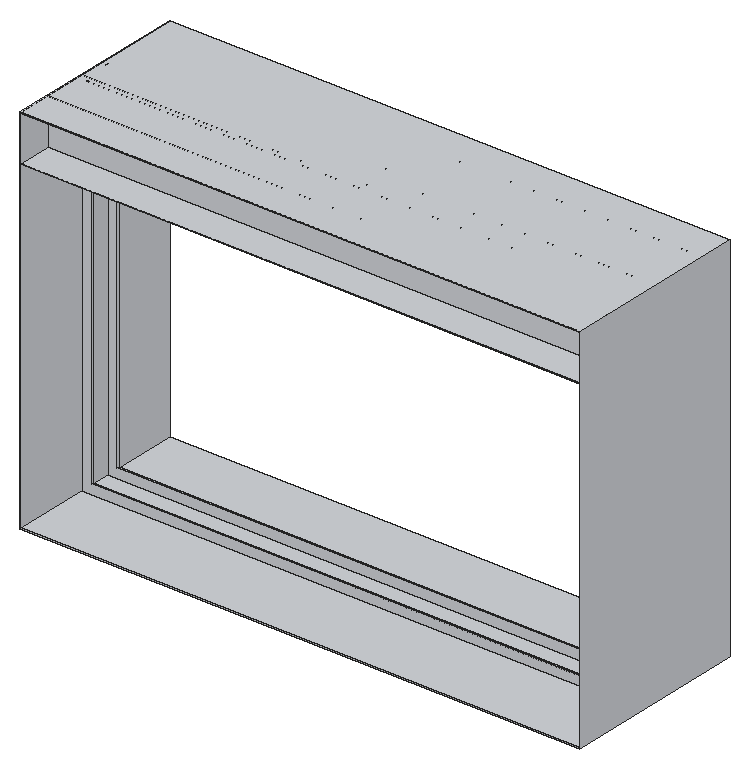
Revit family "FD-SB", category Mechanical Equipment, Revit 2015
Parameters
  URL = "http://unitedenertech.com/catalog/pdf/A-2%20%20FD-SB.pdf"
  Type Comments = "Max. Sizes are (1-1/2 Hour Vertical 96\"w x 91\"h) (1-1/2 Hour Horizontal 80\"w x 36\"h) (3 Hour Vertical 80\"w x 36\"h) (3 Hour Horizontal 80\"w x 36\"h)"
  Model = "FD-SB"
  Manufacturer = "United Enertech Corporation"
  Keynote = "Vertical Model Shown, Horizontal Models have Steel Spring Coils Seen on the FDD-SB Model"
  Exact Width = 3' - 0"
  Duct Height [instance] = 1' - 9"
  Description = "Curtain Fire Damper for use in Static Systems"
  Damper Height = 2' - 0"
  Depth = 1' - 0"
  Blade Width [instance] = Exact Width - 0' 0 1/8"  # 2' - 11 7/8"
  Blade Pair Number [instance] = (Damper Height - 0' 0 9/128") / 0' 3 7/8"  # 6
  "B" = if(Damper Height < 1' 10 1/4", 0' 2", if(Damper Height < 2' 11 1/4", 0' 3", if(Damper Height < 3' 10 1/4", 0' 4", if(Damper Height < 4' 0 1/4", 0' 5", 0' 5"))))  # 0' - 3"
Reference planes (in)
  plane 1 "Center (Front/Back)": y = 0
  plane 2: z = 0
  plane 3 "Center (Left/Right)": x = 0
  plane 4: x = -18
  plane 5: x = 18
  plane 6: y = -6
  plane 7: y = 6
  plane 8: z = 24
  plane 9: x = -17.9641
  plane 10: x = 17.9641
  plane 11: z = 0.0359
  plane 12: z = 23.9641
  plane 13: y = 1.09375
  plane 14: y = -1.09375
  plane 15: y = -0.96875
  plane 16: y = 0.96875
  plane 17: z = 0.6609
  plane 18: x = -17.3391
  plane 19: x = 17.3391
  plane 20: z = 23.3391
  plane 21: z = 21
  plane 22: y = 3.8125
  plane 23: y = -3.8125
  plane 24: z = 21.0359
  plane 25: y = 3.8484
  plane 26: y = -3.8484
  plane 27: x = -0.25
  plane 28: x = 0.25
Forms (in)
  Extrusion 1, solid
    sketch origin (0, 0, 0) x (1, 0, 0) y (0, 0, 1)
      loop
        line (-17.9641, 23.9641) -> (-17.9641, 0.0359) -> (17.9641, 0.0359) -> (17.9641, 23.9641) -> (-17.9641, 23.9641)
      loop
        line (-18, 24) -> (-18, 0) -> (18, 0) -> (18, 24) -> (-18, 24)
    from -6 to 6
  Extrusion 2, solid
    sketch origin (0, 0, 0) x (1, 0, 0) y (0, 0, 1)
      loop
        line (-17.3391, 23.3391) -> (-17.3391, 0.6609) -> (17.3391, 0.6609) -> (17.3391, 23.3391) -> (-17.3391, 23.3391)
      loop
        line (-17.9641, 23.9641) -> (-17.9641, 0.0359) -> (17.9641, 0.0359) -> (17.9641, 23.9641) -> (-17.9641, 23.9641)
    from 0.96875 to 1.09375
  Extrusion 3, solid
    sketch origin (0, 0, 0) x (1, 0, 0) y (0, 0, 1)
      loop
        line (-17.3391, 23.3391) -> (-17.3391, 0.6609) -> (17.3391, 0.6609) -> (17.3391, 23.3391) -> (-17.3391, 23.3391)
      loop
        line (-17.9641, 23.9641) -> (-17.9641, 0.0359) -> (17.9641, 0.0359) -> (17.9641, 23.9641) -> (-17.9641, 23.9641)
    from -1.09375 to -0.96875
  Extrusion 4, solid
    sketch origin (0, 0, 0) x (0, 1, 0) y (0, 0, 1)
      loop
        line (6, 21) -> (6, 21.0359) -> (3.8484, 21.0359) -> (3.8484, 23.9641) -> (3.8125, 23.9641) -> (3.8125, 21) -> (6, 21)
    from -17.9641 to 17.9641
  Extrusion 5, solid
    sketch origin (0, 0, 0) x (0, -1, 0) y (0, 0, -1)
      loop
        line (6, -21) -> (3.8125, -21) -> (3.8125, -23.9641) -> (3.8484, -23.9641) -> (3.8484, -21.0359) -> (6, -21.0359) -> (6, -21)
    from -17.9641 to 17.9641
  Extrusion 6, solid
    sketch origin (0, 0, 0) x (0, 1, 0) y (0, 0, 1)
      loop
        line (0.96875, 23.9641) -> (0.93285, 23.9641) -> (0.93285, 21) -> (1.43285, 21) -> (1.43285, 21.45) -> (1.39695, 21.45) -> (1.39695, 21.0359) -> (0.96875, 21.0359) -> (0.96875, 23.9641)
    from -0.25 to 0.25
  Extrusion 7, solid
    sketch origin (0, 0, 0) x (0, -1, 0) y (0, 0, -1)
      loop
        line (0.96875, -23.9641) -> (0.96875, -21.0359) -> (1.39695, -21.0359) -> (1.39695, -21.45) -> (1.43285, -21.45) -> (1.43285, -21) -> (0.93285, -21) -> (0.93285, -23.9641) -> (0.96875, -23.9641)
    from -0.25 to 0.25
Dimensions and locks (in)
  equal spacing: plane 4, plane 3 "Center (Left/Right)", plane 5
  "Exact Width": plane 4 to plane 5
  equal spacing: plane 7, plane 1 "Center (Front/Back)", plane 6
  "Depth": plane 7 to plane 6
  "Damper Height": plane 8 to level
  locked: plane 9 to plane 4 at 0.0359
  locked: plane 5 to plane 10 at 0.0359
  locked: plane 8 to plane 12 at 0.0359
  locked: plane 11 to level at 0.0359
  locked: plane 13 to plane 14 at 2.1875
  locked: plane 15 to plane 14 at 0.125
  locked: plane 13 to plane 16 at 0.125
  locked: plane 18 to plane 9 at 0.625
  locked: plane 10 to plane 19 at 0.625
  locked: plane 17 to plane 11 at 0.625
  locked: plane 12 to plane 20 at 0.625
  ""B"": plane 8 to plane 21
  "Duct Height": plane 21 to level
  locked: plane 7 to plane 22 at 2.1875
  locked: plane 23 to plane 6 at 2.1875
  locked: plane 24 to plane 21 at 0.0359
  locked: plane 25 to plane 22 at 0.0359
  locked: plane 23 to plane 26 at 0.0359
  equal spacing: group 1, group 2, group 3, group 4, group 5, group 6  (x2)
  equal spacing: group 6, group 5, group 4, group 3, group 2, group 1
  locked: nested 1 to nested 2 at 0.40625
  aligned and locked: level to plane 2
  aligned and locked: level to Extrusion 1 sketch curve
  aligned and locked: Extrusion 1 sketch curve to plane 4
  aligned and locked: Extrusion 1 sketch curve to plane 5
  aligned and locked: Extrusion 1 sketch curve to plane 8
  aligned and locked: Extrusion 1 sketch curve to plane 12
  aligned and locked: plane 10 to Extrusion 1 sketch curve
  aligned and locked: plane 11 to Extrusion 1 sketch curve
  aligned and locked: plane 9 to Extrusion 1 sketch curve
  aligned and locked: plane 7 to Extrusion 1
  aligned and locked: Extrusion 1 to plane 6
  aligned and locked: plane 11 to Extrusion 2 sketch curve
  aligned and locked: plane 9 to Extrusion 2 sketch curve
  aligned and locked: plane 10 to Extrusion 2 sketch curve
  aligned and locked: Extrusion 2 sketch curve to plane 12
  aligned and locked: Extrusion 2 sketch curve to plane 20
  aligned and locked: Extrusion 2 sketch curve to plane 19
  aligned and locked: plane 17 to Extrusion 2 sketch curve
  aligned and locked: Extrusion 2 sketch curve to plane 18
  aligned and locked: plane 13 to Extrusion 3
  aligned and locked: Extrusion 3 to plane 16
  aligned and locked: plane 15 to Extrusion 2
  aligned and locked: Extrusion 2 to plane 14
  aligned and locked: Extrusion 4 sketch curve to plane 7
  aligned and locked: plane 21 to Extrusion 4 sketch curve
  aligned and locked: plane 24 to Extrusion 4 sketch curve
  aligned and locked: Extrusion 4 sketch curve to plane 22
  aligned and locked: plane 25 to Extrusion 4 sketch curve
  aligned and locked: Extrusion 4 sketch curve to plane 12
  aligned and locked: Extrusion 5 sketch curve to plane 6
  aligned and locked: Extrusion 5 sketch curve to plane 24
  aligned and locked: Extrusion 5 sketch curve to plane 21
  aligned and locked: plane 12 to Extrusion 5 sketch curve
  aligned and locked: Extrusion 5 sketch curve to plane 26
  aligned and locked: plane 23 to Extrusion 5 sketch curve
  aligned and locked: Extrusion 5 to plane 10
  aligned and locked: Extrusion 4 to plane 10
  aligned and locked: Extrusion 5 to plane 9
  aligned and locked: Extrusion 4 to plane 9
  aligned and locked: plane 3 "Center (Left/Right)" to nested 1
  aligned and locked: plane 12 to nested 1
  aligned and locked: plane 21 to Extrusion 6 sketch curve
  aligned and locked: plane 27 to Extrusion 7
  aligned and locked: plane 27 to Extrusion 6
  aligned and locked: plane 28 to Extrusion 7
  aligned and locked: plane 28 to Extrusion 6
  aligned and locked: plane 24 to nested 7
Automatic sketch dimensions
  Extrusion 3 sketch curve to plane 9 = 0' - 0"
  Extrusion 3 sketch curve to plane 17 = 0' - 0"
  plane 18 to Extrusion 3 sketch curve = 0' - 0"
  Extrusion 3 sketch curve to plane 19 = 0' - 0"
  plane 10 to Extrusion 3 sketch curve = 0' - 0"
  Extrusion 3 sketch curve to plane 11 = 0' - 0"
  Extrusion 3 sketch curve to plane 20 = 0' - 0"
  Extrusion 3 sketch curve to plane 12 = 0' - 0"
  Extrusion 6 sketch curve to plane 12 = 0' - 0"
  Extrusion 6 sketch curve to plane 16 = 0' - 0"
  plane 24 to Extrusion 6 sketch curve = 0' - 0"
  Extrusion 6 sketch curve to plane 16 = 0' - 0.0359"
  plane 13 to Extrusion 6 sketch curve = 0' - 0.3032"
  Extrusion 6 sketch curve to Extrusion 6 sketch curve = 0' - 0.0359"
  Extrusion 6 sketch curve to plane 24 = 0' - 0.4141"
  Extrusion 7 sketch curve to plane 21 = 0' - 0"
  Extrusion 7 sketch curve to plane 12 = 0' - 0"
  Extrusion 7 sketch curve to plane 15 = 0' - 0"
  plane 24 to Extrusion 7 sketch curve = 0' - 0"
  Extrusion 7 sketch curve to plane 15 = 0' - 0.0359"
  plane 14 to Extrusion 7 sketch curve = 0' - 0.3032"
  Extrusion 7 sketch curve to Extrusion 7 sketch curve = 0' - 0.0359"
  plane 24 to Extrusion 7 sketch curve = 0' - 0.4141"
Nested families (in)
  nested 1: "FD-SALB BLADESEDITED" at (0, 1.17008, 23.12138), type "FD-SALB BLADESEDITED"
    with Blade Width 2' - 11 7/8"
  nested 2: "FD-SALB BLADESEDITED" at (0, 1.17008, 22.71513), type "FD-SALB BLADESEDITED"
    with Blade Width 2' - 11 7/8"
  nested 3: "FD-SALB BLADESEDITED" at (0, 1.17008, 22.30888), type "FD-SALB BLADESEDITED"
    with Blade Width 2' - 11 7/8"
  nested 4: "FD-SALB BLADESEDITED" at (0, 1.17008, 21.90263), type "FD-SALB BLADESEDITED"
    with Blade Width 2' - 11 7/8"
  nested 5: "FD-SALB BLADESEDITED" at (0, 1.17008, 21.49638), type "FD-SALB BLADESEDITED"
    with Blade Width 2' - 11 7/8"
  nested 6: "FD-SALB BLADESEDITED" at (0, 1.17008, 21.09013), type "FD-SALB BLADESEDITED"
    with Blade Width 2' - 11 7/8"
  nested 7: "EFL" at (4.62017, 3.54736, 21.0359), type "EFL"
Definition of nested family "FD-SALB BLADESEDITED"
  Parameters (values of type "FD-SALB BLADESEDITED")
    Blade Width = 1' - 11 7/8"
  Reference planes (in)
    plane 1 "Center (Front/Back)": y = 0
    plane 2: z = 0
    plane 3 "Center (Left/Right)": x = 0
    plane 4: x = -11.9375
    plane 5: x = 11.9375
  Forms (in)
    Extrusion 1, solid
      sketch origin (0, 0, 0) x (0, 1, 0) y (0, 0, 1)
        loop
          line (-0.31672, 0.53073) -> (-0.3446, 0.62657)
          arc (-0.3446, 0.62657) -> (-0.33726, 0.6415) -> (-0.32269, 0.63348) r 0.0115
          line (-0.32269, 0.63348) -> (-0.30545, 0.53536)
          arc (-0.30545, 0.53536) -> (-0.31611, 0.49773) -> (-0.35217, 0.48264) r 0.045
          line (-0.35217, 0.48264) -> (-0.39872, 0.48554)
          arc (-0.39872, 0.48554) -> (-0.42675, 0.49692) -> (-0.44125, 0.52348) r 0.045
          line (-0.44125, 0.52348) -> (-0.47071, 0.66865)
          arc (-0.47071, 0.66865) -> (-0.48965, 0.70349) -> (-0.5262, 0.7189) r 0.06
          line (-0.5262, 0.7189) -> (-1.55698, 0.78305) -> (-1.76244, 0.79584)
          arc (-1.76244, 0.79584) -> (-1.79846, 0.78683) -> (-1.82228, 0.75836) r 0.06
          line (-1.82228, 0.75836) -> (-1.88016, 0.61423)
          arc (-1.88016, 0.61423) -> (-1.90974, 0.57877) -> (-1.95445, 0.56733) r 0.075
          arc (-1.95445, 0.56733) -> (-2.03902, 0.60869) -> (-2.06957, 0.69773) r 0.123
          line (-2.06957, 0.69773) -> (-2.06418, 0.78456)
          arc (-2.06418, 0.78456) -> (-2.05371, 0.80551) -> (-2.03138, 0.81256) r 0.03
          line (-2.03138, 0.81256) -> (-1.90763, 0.80489) -> (-1.90763, 0.8362) -> (-2.01284, 0.84272) -> (-2.04641, 0.84272)
          arc (-2.04641, 0.84272) -> (-2.08042, 0.82292) -> (-2.09536, 0.7865) r 0.06125
          line (-2.09536, 0.7865) -> (-2.10077, 0.69966)
          arc (-2.10077, 0.69966) -> (-2.06244, 0.58801) -> (-1.95639, 0.53614) r 0.15425
          arc (-1.95639, 0.53614) -> (-1.89306, 0.55235) -> (-1.8512, 0.60257) r 0.10625
          line (-1.8512, 0.60257) -> (-1.7933, 0.74674)
          arc (-1.7933, 0.74674) -> (-1.78183, 0.76038) -> (-1.76452, 0.76466) r 0.02875
          line (-1.76452, 0.76466) -> (-1.55892, 0.75186) -> (-0.52813, 0.68773)
          arc (-0.52813, 0.68773) -> (-0.51045, 0.68016) -> (-0.50148, 0.66314) r 0.02875
          line (-0.50148, 0.66314) -> (-0.47199, 0.51784)
          arc (-0.47199, 0.51784) -> (-0.4474, 0.47346) -> (-0.4004, 0.45434) r 0.07625
          line (-0.4004, 0.45434) -> (-0.35398, 0.45144)
          arc (-0.35398, 0.45144) -> (-0.29278, 0.47694) -> (-0.27468, 0.54073) r 0.07625
          line (-0.27468, 0.54073) -> (-0.29191, 0.63889)
          arc (-0.29191, 0.63889) -> (-0.33988, 0.67434) -> (-0.37768, 0.6282) r 0.04327
          line (-0.37768, 0.6282) -> (-0.34677, 0.52199) -> (-0.31672, 0.53073)
      from -11.9375 to 11.9375
    Extrusion 2, solid
      sketch origin (0, 0, 0) x (0, 1, 0) y (0, 0, 1)
        loop
          arc (-0.31635, 0.67497) -> (-0.29361, 0.66856) -> (-0.28256, 0.64768) r 0.03
          line (-0.28256, 0.64768) -> (-0.2714, 0.56286)
          arc (-0.2714, 0.56286) -> (-0.29582, 0.47194) -> (-0.37737, 0.42491) r 0.123
          arc (-0.37737, 0.42491) -> (-0.42275, 0.43328) -> (-0.45469, 0.46664) r 0.075
          line (-0.45469, 0.46664) -> (-0.52225, 0.60648)
          arc (-0.52225, 0.60648) -> (-0.54755, 0.63305) -> (-0.58358, 0.63992) r 0.06
          line (-0.58358, 0.63992) -> (-0.78858, 0.61304) -> (-1.81262, 0.47877)
          arc (-1.81262, 0.47877) -> (-1.84723, 0.46173) -> (-1.86432, 0.42714) r 0.06
          line (-1.86432, 0.42714) -> (-1.88437, 0.27537)
          arc (-1.88437, 0.27537) -> (-1.89734, 0.2499) -> (-1.92301, 0.23735) r 0.045
          line (-1.92301, 0.23735) -> (-1.96868, 0.2314)
          arc (-1.96868, 0.2314) -> (-2.00696, 0.24361) -> (-2.02023, 0.28153) r 0.045
          line (-2.02023, 0.28153) -> (-2.00995, 0.379)
          arc (-2.00995, 0.379) -> (-1.99657, 0.38882) -> (-1.98728, 0.37505) r 0.0115
          line (-1.98728, 0.37505) -> (-2.00879, 0.27676) -> (-1.97772, 0.26996) -> (-1.95543, 0.37179)
          arc (-1.95543, 0.37179) -> (-1.99381, 0.41919) -> (-2.04121, 0.38081) r 0.04313
          line (-2.04121, 0.38081) -> (-2.05127, 0.28509)
          arc (-2.05127, 0.28509) -> (-2.02877, 0.22122) -> (-1.96431, 0.20045) r 0.07625
          line (-1.96431, 0.20045) -> (-1.91897, 0.20638)
          arc (-1.91897, 0.20638) -> (-1.87533, 0.22771) -> (-1.85342, 0.27106) r 0.07625
          line (-1.85342, 0.27106) -> (-1.83333, 0.42305)
          arc (-1.83333, 0.42305) -> (-1.82514, 0.43962) -> (-1.80853, 0.44779) r 0.02875
          line (-1.80853, 0.44779) -> (-0.78452, 0.58205) -> (-0.57967, 0.60892)
          arc (-0.57967, 0.60892) -> (-0.56246, 0.60559) -> (-0.55039, 0.5929) r 0.02875
          line (-0.55039, 0.5929) -> (-0.48278, 0.45303)
          arc (-0.48278, 0.45303) -> (-0.4376, 0.40578) -> (-0.37331, 0.39393) r 0.10625
          arc (-0.37331, 0.39393) -> (-0.27103, 0.4529) -> (-0.24041, 0.56695) r 0.15425
          line (-0.24041, 0.56695) -> (-0.2515, 0.65113)
          arc (-0.2515, 0.65113) -> (-0.27433, 0.69316) -> (-0.32041, 0.70596) r 0.06125
          line (-0.32041, 0.70596) -> (-0.44437, 0.68971) -> (-0.44031, 0.65872) -> (-0.31635, 0.67497)
      from -11.9375 to 11.9375
  Dimensions and locks (in)
    equal spacing: plane 4, plane 3 "Center (Left/Right)", plane 5
    "Blade Width": plane 4 to plane 5
    aligned and locked: level to plane 2
    aligned and locked: plane 4 to Extrusion 1
    aligned and locked: plane 4 to Extrusion 2
    aligned and locked: plane 5 to Extrusion 1
    aligned and locked: plane 5 to Extrusion 2
  Automatic sketch dimensions
    Extrusion 2 sketch curve to Extrusion 2 sketch curve = 0' - 0"  (x35)
    level to Extrusion 2 sketch curve = 0' - 0.28509"
    plane 1 "Center (Front/Back)" to Extrusion 2 sketch curve = 0' - 2.05127"
    level to Extrusion 2 sketch curve = 0' - 0.38081"
    Extrusion 2 sketch curve to Extrusion 2 sketch curve = 0' - 0.01006"
    level to Extrusion 2 sketch curve = 0' - 0.28153"
    Extrusion 2 sketch curve to Extrusion 2 sketch curve = 0' - 0.03105"
    level to Extrusion 2 sketch curve = 0' - 0.27676"
    Extrusion 2 sketch curve to Extrusion 2 sketch curve = 0' - 0.01143"  (x2)
    Extrusion 2 sketch curve to Extrusion 2 sketch curve = 0' - 0.04266"
    Extrusion 2 sketch curve to Extrusion 2 sketch curve = 0' - 0.00023"
    level to Extrusion 2 sketch curve = 0' - 0.26996"
    Extrusion 2 sketch curve to Extrusion 2 sketch curve = 0' - 0.03107"
    Extrusion 2 sketch curve to Extrusion 2 sketch curve = 0' - 0.00213"
    level to Extrusion 2 sketch curve = 0' - 0.2314"
    Extrusion 2 sketch curve to Extrusion 2 sketch curve = 0' - 0.00904"
    level to Extrusion 2 sketch curve = 0' - 0.20045"
    level to Extrusion 2 sketch curve = 0' - 0.37179"
    Extrusion 2 sketch curve to Extrusion 2 sketch curve = 0' - 0.0467"
    level to Extrusion 2 sketch curve = 0' - 0.27537"
    Extrusion 2 sketch curve to Extrusion 2 sketch curve = 0' - 0.04451"
    level to Extrusion 2 sketch curve = 0' - 0.27106"
    Extrusion 2 sketch curve to Extrusion 2 sketch curve = 0' - 0.03095"
    Extrusion 2 sketch curve to Extrusion 2 sketch curve = 0' - 0.0486"
    plane 1 "Center (Front/Back)" to Extrusion 2 sketch curve = 0' - 0.78452"
    Extrusion 2 sketch curve to Extrusion 2 sketch curve = 0' - 0.20094"
    Extrusion 2 sketch curve to Extrusion 2 sketch curve = 0' - 0 1/256"  (x2)
    Extrusion 2 sketch curve to Extrusion 2 sketch curve = 0' - 0.0034"
    Extrusion 2 sketch curve to Extrusion 2 sketch curve = 0' - 0.13921"
    Extrusion 2 sketch curve to Extrusion 2 sketch curve = 0' - 0.00406"  (x3)
    Extrusion 2 sketch curve to Extrusion 2 sketch curve = 0' - 0.04695"
    Extrusion 2 sketch curve to Extrusion 2 sketch curve = 0' - 0.00624"
    Extrusion 2 sketch curve to Extrusion 2 sketch curve = 0' - 0.0809"
    Extrusion 2 sketch curve to Extrusion 2 sketch curve = 0' - 0.0299"
    Extrusion 2 sketch curve to Extrusion 2 sketch curve = 0' - 0.03106"
    Extrusion 2 sketch curve to Extrusion 2 sketch curve = 0' - 0.00661"
    Extrusion 2 sketch curve to Extrusion 2 sketch curve = 0' - 0.00119"
    Extrusion 2 sketch curve to Extrusion 2 sketch curve = 0' - 0.14822"
    level to Extrusion 2 sketch curve = 0' - 0.49927"
    Extrusion 2 sketch curve to Extrusion 2 sketch curve = 0' - 0.04759"
    Extrusion 2 sketch curve to Extrusion 2 sketch curve = 0' - 0.0335"
    Extrusion 2 sketch curve to Extrusion 2 sketch curve = 0' - 0.00168"
    Extrusion 2 sketch curve to Extrusion 2 sketch curve = 0' - 0.02855"
    Extrusion 2 sketch curve to Extrusion 2 sketch curve = 0' - 0.031"
    Extrusion 2 sketch curve to Extrusion 2 sketch curve = 0' - 0.09835"
    Extrusion 2 sketch curve to Extrusion 2 sketch curve = 0' - 0.00246"
    Extrusion 2 sketch curve to Extrusion 2 sketch curve = 0' - 0.00345"
    Extrusion 2 sketch curve to Extrusion 2 sketch curve = 0' - 0.11186"
    Extrusion 2 sketch curve to Extrusion 2 sketch curve = 0' - 0.03098"  (x3)
    level to Extrusion 2 sketch curve = 0' - 0.37898"
    Extrusion 2 sketch curve to Extrusion 2 sketch curve = 0' - 0.00003"  (x4)
    Extrusion 2 sketch curve to Extrusion 2 sketch curve = 0' - 0.01101"
    level to Extrusion 2 sketch curve = 0' - 0.37505"
    Extrusion 2 sketch curve to Extrusion 2 sketch curve = 0' - 0.00585"
    level to Extrusion 2 sketch curve = 0' - 0.23735"
    Extrusion 2 sketch curve to Extrusion 2 sketch curve = 0' - 0.00404"
    level to Extrusion 2 sketch curve = 0' - 0.20636"
    level to Extrusion 2 sketch curve = 0' - 0.42714"
    Extrusion 2 sketch curve to Extrusion 2 sketch curve = 0' - 0.0595"
    level to Extrusion 2 sketch curve = 0' - 0.42305"
    Extrusion 2 sketch curve to Extrusion 2 sketch curve = 0' - 0.02852"
    Extrusion 2 sketch curve to Extrusion 2 sketch curve = 0' - 0.0207"
    level to Extrusion 2 sketch curve = 0' - 0.47878"
    Extrusion 2 sketch curve to Extrusion 2 sketch curve = 0' - 0.00374"
    level to Extrusion 2 sketch curve = 0' - 0.44779"
    Extrusion 2 sketch curve to Extrusion 2 sketch curve = 0' - 0.02588"
    Extrusion 2 sketch curve to Extrusion 2 sketch curve = 0' - 0.02814"
    Extrusion 2 sketch curve to Extrusion 2 sketch curve = 0' - 0.0957"
    Extrusion 2 sketch curve to Extrusion 2 sketch curve = 0' - 0.00004"  (x2)
    Extrusion 2 sketch curve to Extrusion 2 sketch curve = 0' - 0.02809"
    Extrusion 2 sketch curve to Extrusion 2 sketch curve = 0' - 0.00975"
    Extrusion 2 sketch curve to Extrusion 2 sketch curve = 0' - 0.00796"
    Extrusion 2 sketch curve to Extrusion 2 sketch curve = 0' - 0.01116"
    Extrusion 2 sketch curve to Extrusion 2 sketch curve = 0' - 0.00002"
    Extrusion 1 sketch curve to Extrusion 1 sketch curve = 0' - 0"  (x30)
    level to Extrusion 1 sketch curve = 0' - 0.7827"
    plane 1 "Center (Front/Back)" to Extrusion 1 sketch curve = 0' - 2.03423"
    Extrusion 1 sketch curve to Extrusion 1 sketch curve = 0' - 0.00284"
    Extrusion 1 sketch curve to Extrusion 1 sketch curve = 0' - 0.01854"
    Extrusion 1 sketch curve to Extrusion 1 sketch curve = 0' - 0.08443"
    Extrusion 1 sketch curve to Extrusion 1 sketch curve = 0' - 0.00298"
    Extrusion 1 sketch curve to Extrusion 1 sketch curve = 0' - 0.03918"
    Extrusion 1 sketch curve to Extrusion 1 sketch curve = 0' - 0.14102"
    level to Extrusion 1 sketch curve = 0' - 0.76466"
    Extrusion 1 sketch curve to Extrusion 1 sketch curve = 0' - 0.00209"
    level to Extrusion 1 sketch curve = 0' - 0.79584"
    Extrusion 1 sketch curve to Extrusion 1 sketch curve = 0' - 0.00208"  (x2)
    level to Extrusion 1 sketch curve = 0' - 0.75186"
    Extrusion 1 sketch curve to Extrusion 1 sketch curve = 0' - 0.2056"
    Extrusion 1 sketch curve to Extrusion 1 sketch curve = 0' - 0.00194"  (x2)
    plane 1 "Center (Front/Back)" to Extrusion 1 sketch curve = 0' - 0.52993"
    Extrusion 1 sketch curve to Extrusion 1 sketch curve = 0' - 0.02845"
    Extrusion 1 sketch curve to Extrusion 1 sketch curve = 0' - 0.02949"
    Extrusion 1 sketch curve to Extrusion 1 sketch curve = 0' - 0.03077"  (x2)
    Extrusion 1 sketch curve to Extrusion 1 sketch curve = 0' - 0.03074"
    Extrusion 1 sketch curve to Extrusion 1 sketch curve = 0' - 0.04085"
    Extrusion 1 sketch curve to Extrusion 1 sketch curve = 0' - 0.00168"
    Extrusion 1 sketch curve to Extrusion 1 sketch curve = 0' - 0.04445"
    Extrusion 1 sketch curve to Extrusion 1 sketch curve = 0' - 0.01912"
    Extrusion 1 sketch curve to Extrusion 1 sketch curve = 0' - 0.04641"
    Extrusion 1 sketch curve to Extrusion 1 sketch curve = 0' - 0.00182"
    Extrusion 1 sketch curve to Extrusion 1 sketch curve = 0' - 0.00238"
    Extrusion 1 sketch curve to Extrusion 1 sketch curve = 0' - 0.00302"
    Extrusion 1 sketch curve to Extrusion 1 sketch curve = 0' - 0.03307"
    Extrusion 1 sketch curve to Extrusion 1 sketch curve = 0' - 0.01008"
    Extrusion 1 sketch curve to Extrusion 1 sketch curve = 0' - 0.00072"
    Extrusion 1 sketch curve to Extrusion 1 sketch curve = 0' - 0.01112"
    Extrusion 1 sketch curve to Extrusion 1 sketch curve = 0' - 0.03006"
    Extrusion 1 sketch curve to Extrusion 1 sketch curve = 0' - 0.03078"
    Extrusion 1 sketch curve to Extrusion 1 sketch curve = 0' - 0.02867"
    Extrusion 1 sketch curve to Extrusion 1 sketch curve = 0' - 0.09261"
    level to Extrusion 1 sketch curve = 0' - 0.66865"
    Extrusion 1 sketch curve to Extrusion 1 sketch curve = 0' - 0.00551"
    Extrusion 1 sketch curve to Extrusion 1 sketch curve = 0' - 0.00412"
    Extrusion 1 sketch curve to Extrusion 1 sketch curve = 0' - 0.04791"
    Extrusion 1 sketch curve to Extrusion 1 sketch curve = 0' - 0.02976"
    Extrusion 1 sketch curve to Extrusion 1 sketch curve = 0' - 0.00541"
    Extrusion 1 sketch curve to Extrusion 1 sketch curve = 0' - 0.00087"
    Extrusion 1 sketch curve to Extrusion 1 sketch curve = 0' - 0.00852"
    Extrusion 1 sketch curve to Extrusion 1 sketch curve = 0' - 0.00559"
    Extrusion 1 sketch curve to Extrusion 1 sketch curve = 0' - 0.00702"
    Extrusion 1 sketch curve to Extrusion 1 sketch curve = 0' - 0.00564"
    Extrusion 1 sketch curve to Extrusion 1 sketch curve = 0' - 0.03935"
    Extrusion 1 sketch curve to Extrusion 1 sketch curve = 0' - 0.0312"
    Extrusion 1 sketch curve to Extrusion 1 sketch curve = 0' - 0.03119"
    Extrusion 1 sketch curve to Extrusion 1 sketch curve = 0' - 0.1148"
    Extrusion 1 sketch curve to Extrusion 1 sketch curve = 0' - 0.03131"
    Extrusion 1 sketch curve to Extrusion 1 sketch curve = 0' - 0.02994"
    level to Extrusion 1 sketch curve = 0' - 0.78456"
    Extrusion 1 sketch curve to Extrusion 1 sketch curve = 0' - 0.00539"
    level to Extrusion 1 sketch curve = 0' - 0.69772"
    Extrusion 1 sketch curve to Extrusion 1 sketch curve = 0' - 0.03117"
    Extrusion 1 sketch curve to Extrusion 1 sketch curve = 0' - 0.03118"
    level to Extrusion 1 sketch curve = 0' - 0.69966"
    Extrusion 1 sketch curve to Extrusion 1 sketch curve = 0' - 0.03357"
    Extrusion 1 sketch curve to Extrusion 1 sketch curve = 0' - 0.0066"
    Extrusion 1 sketch curve to Extrusion 1 sketch curve = 0' - 0.06959"
    level to Extrusion 1 sketch curve = 0' - 0.61423"
    Extrusion 1 sketch curve to Extrusion 1 sketch curve = 0' - 0.00004"  (x2)
    Extrusion 1 sketch curve to Extrusion 1 sketch curve = 0' - 0.02896"
    level to Extrusion 1 sketch curve = 0' - 0.60259"
    level to Extrusion 1 sketch curve = 0' - 0.75838"
    Extrusion 1 sketch curve to Extrusion 1 sketch curve = 0' - 0.05778"
    level to Extrusion 1 sketch curve = 0' - 0.74674"
    Extrusion 1 sketch curve to Extrusion 1 sketch curve = 0' - 0.02669"
    Extrusion 1 sketch curve to Extrusion 1 sketch curve = 0' - 0.00179"
    Extrusion 1 sketch curve to Extrusion 1 sketch curve = 0' - 0.00193"
    Extrusion 1 sketch curve to Extrusion 1 sketch curve = 0' - 0.01125"
    Extrusion 1 sketch curve to Extrusion 1 sketch curve = 0' - 0.00003"
    Extrusion 1 sketch curve to Extrusion 1 sketch curve = 0' - 0.05622"
    Extrusion 1 sketch curve to Extrusion 1 sketch curve = 0' - 0.03016"
Definition of nested family "EFL"
  Reference planes (in)
    plane 1 "Center (Front/Back)": y = 0
    plane 2: z = 0
    plane 3 "Center (Left/Right)": x = 0
  Forms (in)
    Extrusion 1, solid
      sketch origin (0, 0, 0) x (1, 0, 0) y (0, 1, 0)
        loop
          arc (-4.87017, -4.05324) -> (-4.81525, -4.18582) -> (-4.68267, -4.24074) r 0.1875
          line (-4.68267, -4.24074) -> (-4.55767, -4.24074)
          arc (-4.55767, -4.24074) -> (-4.42508, -4.18582) -> (-4.37017, -4.05324) r 0.1875
          line (-4.37017, -4.05324) -> (-4.37017, -3.41574) -> (-4.87017, -3.41574) -> (-4.87017, -4.05324)
        loop
          circle (-4.62017, -4.05324) r 0.0625
      from 0.1 to 0.05
    Extrusion 2, solid
      sketch origin (-9.24033, -7.08147, 0) x (-1, 0, 0) y (0, -1, 0)
        loop
          arc (-4.87017, -4.05324) -> (-4.81525, -4.18582) -> (-4.68267, -4.24074) r 0.1875
          line (-4.68267, -4.24074) -> (-4.55767, -4.24074)
          arc (-4.55767, -4.24074) -> (-4.42508, -4.18582) -> (-4.37017, -4.05324) r 0.1875
          line (-4.37017, -4.05324) -> (-4.37017, -3.41574) -> (-4.87017, -3.41574) -> (-4.87017, -4.05324)
        loop
          circle (-4.62017, -4.05324) r 0.0625
      from 0 to 0.05
    Sweep 3, solid
      path in 3D
        loop
          line (-4.62017, -4.16421, 0) -> (-4.62017, -4.22608, 0)
          arc (-4.62017, -4.22608, 0) -> (-4.65678, -4.31447, 0) -> (-4.74517, -4.35108, 0) r 0.125
          line (-4.74517, -4.35108, 0) -> (-4.92568, -4.35108, 0)
          arc (-4.92568, -4.35108, 0) -> (-5.02859, -4.454, 0) -> (-4.92568, -4.55691, 0) r 0.10291
          line (-4.92568, -4.55691, 0) -> (-4.62017, -4.55691, 0) -> (-4.31465, -4.55691, 0)
          arc (-4.31465, -4.55691, 0) -> (-4.21174, -4.454, 0) -> (-4.31465, -4.35108, 0) r 0.10291
          line (-4.31465, -4.35108, 0) -> (-4.58427, -4.35108, 0)
      profile origin (-4.62017, -4.19515, 0) x (1, 0, 0) y (0, 0, 1)
        loop
          circle (0, 0) r 0.03202
    Sweep 4, solid
      path in 3D
        loop
          line (-4.62017, -4.283, 0.1526) -> (-4.62017, -4.12297, 0.1526)
          arc (-4.62017, -4.12297, 0.1526) -> (-4.62017, -4.04635, 0.07598) -> (-4.62017, -4.12297, -0.00063) r 0.07662
          line (-4.62017, -4.12297, -0.00063) -> (-4.62017, -4.16421, -0.00063)
      profile origin (-4.62017, -4.14359, -0.00063) x (0, 0, -1) y (1, 0, 0)
        loop
          circle (0, 0) r 0.03138
    Sweep 5, solid
      path in 3D
        loop
          line (-4.62017, -2.91726, 0) -> (-4.62017, -2.85539, 0)
          arc (-4.62017, -2.85539, 0) -> (-4.65678, -2.767, 0) -> (-4.74517, -2.73039, 0) r 0.125
          line (-4.74517, -2.73039, 0) -> (-4.92568, -2.73039, 0)
          arc (-4.92568, -2.73039, 0) -> (-5.02859, -2.62747, 0) -> (-4.92568, -2.52456, 0) r 0.10291
          line (-4.92568, -2.52456, 0) -> (-4.62017, -2.52456, 0) -> (-4.31465, -2.52456, 0)
          arc (-4.31465, -2.52456, 0) -> (-4.21174, -2.62747, 0) -> (-4.31465, -2.73039, 0) r 0.10291
          line (-4.31465, -2.73039, 0) -> (-4.58427, -2.73039, 0)
      profile origin (-4.62017, -2.88633, 0) x (-1, 0, 0) y (0, 0, 1)
        loop
          circle (0, 0) r 0.03202
    Sweep 6, solid
      path in 3D
        loop
          line (-4.62017, -2.79848, 0.1526) -> (-4.62017, -2.95851, 0.1526)
          arc (-4.62017, -2.95851, 0.1526) -> (-4.62017, -3.03512, 0.07598) -> (-4.62017, -2.95851, -0.00063) r 0.07662
          line (-4.62017, -2.95851, -0.00063) -> (-4.62017, -2.91726, -0.00063)
      profile origin (-4.62017, -2.93788, -0.00063) x (0, 0, 1) y (1, 0, 0)
        loop
          circle (0, 0) r 0.03138
  Lines and regions (in)
    sketch lines
      curve 1: line (-4.62017, -4.16421, 0) -> (-4.62017, -4.22608, 0)
      curve 2: arc (-4.74517, -4.35108, 0) -> (-4.65678, -4.31447, 0) -> (-4.62017, -4.22608, 0) r 0.125
      curve 3: line (-4.74517, -4.35108, 0) -> (-4.92568, -4.35108, 0)
      curve 4: arc (-4.92568, -4.35108, 0) -> (-5.02859, -4.454, 0) -> (-4.92568, -4.55691, 0) r 0.10291
      curve 5: line (-4.62017, -4.55691, 0) -> (-4.92568, -4.55691, 0)
      curve 6: line (-4.62017, -4.55691, 0) -> (-4.31465, -4.55691, 0)
      curve 7: arc (-4.31465, -4.55691, 0) -> (-4.21174, -4.454, 0) -> (-4.31465, -4.35108, 0) r 0.10291
      curve 8: line (-4.58427, -4.35108, 0) -> (-4.31465, -4.35108, 0)
      curve 9: line (-4.62017, -4.12297, -0.00063) -> (-4.62017, -4.16421, -0.00063)
      curve 10: arc (-4.62017, -4.12297, -0.00063) -> (-4.62017, -4.04635, 0.07598) -> (-4.62017, -4.12297, 0.1526) r 0.07662
      curve 11: line (-4.62017, -4.12297, 0.1526) -> (-4.62017, -4.283, 0.1526)
      curve 12: line (-4.62017, -2.91726, 0) -> (-4.62017, -2.85539, 0)
      curve 13: arc (-4.74517, -2.73039, 0) -> (-4.65678, -2.767, 0) -> (-4.62017, -2.85539, 0) r 0.125
      curve 14: line (-4.74517, -2.73039, 0) -> (-4.92568, -2.73039, 0)
      curve 15: arc (-4.92568, -2.73039, 0) -> (-5.02859, -2.62747, 0) -> (-4.92568, -2.52456, 0) r 0.10291
      curve 16: line (-4.62017, -2.52456, 0) -> (-4.92568, -2.52456, 0)
      curve 17: line (-4.62017, -2.52456, 0) -> (-4.31465, -2.52456, 0)
      curve 18: arc (-4.31465, -2.52456, 0) -> (-4.21174, -2.62747, 0) -> (-4.31465, -2.73039, 0) r 0.10291
      curve 19: line (-4.58427, -2.73039, 0) -> (-4.31465, -2.73039, 0)
      curve 20: line (-4.62017, -2.95851, -0.00063) -> (-4.62017, -2.91726, -0.00063)
      curve 21: arc (-4.62017, -2.95851, -0.00063) -> (-4.62017, -3.03512, 0.07598) -> (-4.62017, -2.95851, 0.1526) r 0.07662
      curve 22: line (-4.62017, -2.95851, 0.1526) -> (-4.62017, -2.79848, 0.1526)
  Dimensions and locks (in)
    aligned and locked: level to plane 2
